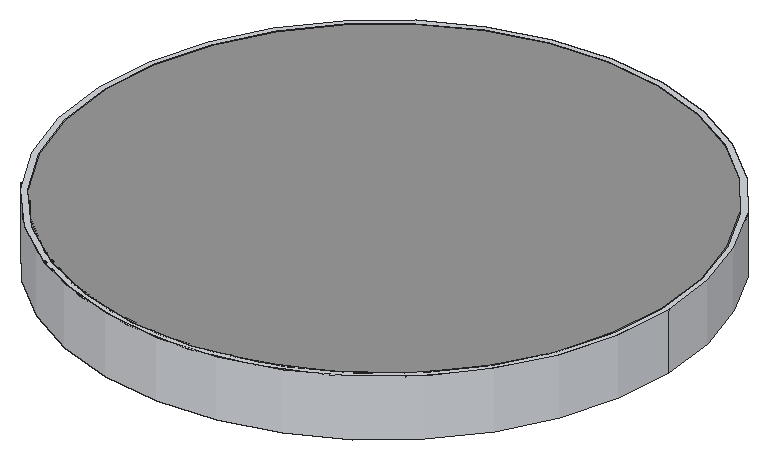
Revit family "2071201", category Lighting Fixtures, host Face, Revit 2018
Family settings
  Host = Face
  Round Connector Dimension = Use Diameter
  Part Type = Normal
  OmniClass Number = 23.80.70.00
  OmniClass Title = Lighting
  Cut with Voids When Loaded = No
  Light Source = Yes
  Shared = No
  Room Calculation Point = No
Parameters (values of type "2071201 COLOSSAL 600 830 OP DIR+H WHT SSA02")
  iner diameter = 588 mm
  Weight = "n/a"
  Wattage Comments = ""
  Wattage = 30 W
  WarrantyStartDate [instance] = "n/a"
  WarrantyGuarantorParts = "n/a"
  WarrantyDurationUnit = "n/a"
  WarrantyDurationParts = ""
  WarrantyDescription = "http://www.sylvania-lighting.com"
  built-in parameter 1150110 = 1 (stored number, unit not read)
  Voltage = 230 V
  URL = "0.95"
  TypeName = "COLOSSAL 600mm 830 OPAL DIR+HAL WHITE SSA02"
  Type Image = <None>
  Type Comments = "n/a"
  built-in parameter 1114217 = 1 (stored number, unit not read)
  Tilt Angle = -90.00°
  built-in parameter 1150109 = 1 (stored number, unit not read)
  built-in parameter 1150134 = (empty or 0)
  built-in parameter 1150113 = 1 (stored number, unit not read)
  SerialNumber [instance] = "n/a"
  Photometric Web File = "2071201.ies"
  Material_3_SYL = LED-Sylvania
  PowerFactor = 0
  PowerConsumption = "Lighting"
  NominalLength = 600 mm
  NominalHeight = 93 mm
  NominalDepth = 600 mm
  Name = "COLOSSAL 600mm 830 OPAL DIR+HAL WHITE SSA02"
  ModelReference = Name  # "COLOSSAL 600mm 830 OPAL DIR+HAL WHITE SSA02"
  ModelNumber = "2071201"
  Model = Name  # "COLOSSAL 600mm 830 OPAL DIR+HAL WHITE SSA02"
  Material = "Feilo Sylvania"
  ManufacturerName = "131 lm/W"
  Manufacturer = ""
  LuminousEfficacy = ""
  built-in parameter 1150105 = 270.44 (stored number, unit not read)
  Lumens = 3398.4 lm
  LuminaireType = "0"
  built-in parameter 1150115 = 1 (stored number, unit not read)
  LightOutputRatio = "LED"
  built-in parameter 1150137 = (empty or 0)
  built-in parameter 1150139 = (empty or 0)
  LampsType = Lamp  # "n/a"
  LampNominalLuminous = "3000 K"
  LampMacAdamStep = "80"
  LampColourTemperature = "LED"
  LampColourRenderingIndex = "16500"
  built-in parameter 1150112 = 1 (stored number, unit not read)
  built-in parameter 1150114 = 1 (stored number, unit not read)
  Lamp = "n/a"
  Keynote = "n/a"
  InstallationDate [instance] = "n/a"
  InputVoltage = "0"
  InputNominalFrequency = "3000"
  built-in parameter 1150132 = (empty or 0)
  built-in parameter 1150102 = (empty or 0)
  built-in parameter 1150107 = 3000 (stored number, unit not read)
  built-in parameter 1150138 = (empty or 0)
  IngressProtection = "IfcLightFixtureType"
  ImpactProtectionIndex = "IfcLightFixtureType"
  built-in parameter 1150106 = 2.7044 (stored number, unit not read)
  IfcExportType = "IfcLightFixtureType"
  IfcExportAs = "Class I"
  Emit from Circle Diameter = 385 mm
  Emit Shape Visible in Rendering = no
  ElectricShockClassification = "131"
  built-in parameter 1150104 = 10.524 (stored number, unit not read)
  DocumentationLiterature = "http://www.sylvania-lighting.com/product/en-int/products/2071201"
  DimmingControlOptions = "n/a"
  Material_2_SYL = Polycarbonate_Sylvania_White
  Dimming Lamp Color Temperature Shift = <None>
  Description = "600mm diameter circular architectural luminaire, can be surface mounted or suspended. Powder coated aluminium housing (RAL9016) with polycarbonate opal diffuser. Direct/indirect (halo) light distribution, 5190lm luminuous flux, 39.7W system power, 131lm/W luminiaire efficacy. Sylsmart Connected enabled. Colour rendering index Ra >80, 3000K Warm White LED, chromaticity tolerance of 3-step MacAdam ellipse. IP40, IK03. 450mA drive current. Electrical protection Class1, 220-240V. Reported lifetime 66k hours L90B10."
  Default Elevation = 1219.2 mm
  CreatedOn = "23/03/2022"
  CreatedBy = "@sylvania-lighting.com"
  Cost = 0
  Color Filter = 16777215
  built-in parameter 1114216 [instance] = (empty or 0)
  ClassificationValue = "EF_70_80"
  ClassificationName = "Uniclass2015"
  Material_1_SYL = Polycarbonate_Sylvania_Opal
  BarCode [instance] = "n/a"
  built-in parameter 1114218 = 1 (stored number, unit not read)
  built-in parameter 1150133 = 10 (stored number, unit not read)
  AssetType = "Fixed"
  AssetIdentifier [instance] = "n/a"
  Assembly Code = "D5020200"
  Apparent Load = 39.7 VA
  Material_4_SYL = none
Reference planes
  plane 1 "Center (Front/Back)": y = 0
  plane 2: z = 0
  plane 3 "Center (Left/Right)": x = 0
  plane 4: x = -300
  plane 5: x = 300
  plane 6: y = 300
  plane 7: y = -300
  plane 8: y = 212
  plane 9: y = -212
  plane 10: z = 93
  plane 11: y = 294
  plane 12: y = -294
  plane 13: through (0, 0, 1219.2) normal (0.5, -0.866, 0)
  plane 14: through (-134.29, 20.617, 1219.2) normal (0.5, -0.866, 0)
  plane 15: through (-144.685, -181.683, 1219.2) normal (-0.5, 0.866, 0)
  plane 16: through (0, 0, 1219.2) normal (0.5, 0.866, 0)
  plane 17: through (178.555, -4.939, 1219.2) normal (0.5, 0.866, 0)
  plane 18: through (87.581, -148.715, 1219.2) normal (0.5, 0.866, 0)
  plane 19: y = 272
  plane 20: through (105.168, 227.067, 1219.2) normal (0.866, 0.5, 0)
  plane 21: through (-104.171, 225.672, 1219.2) normal (0.8572, -0.515, 0)
  plane 22: y = -204.612
  plane 23: through (-296.643, -30.2, 1219.2) normal (0.866, 0.5, 0)
  plane 24: through (153.092, -278.837, 1219.2) normal (-0.866, 0.5, 0)
Forms (mm)
  Extrusion 1, solid, detail levels medium+fine
    sketch origin (0, 0, 0) x (1, 0, 0) y (0, 1, 0)
      loop
        circle (0, 0) r 300
    from 33.023 to 93
  Extrusion 2, void
    sketch origin (0, 0, 0) x (1, 0, 0) y (0, 1, 0)
      loop
        circle (0, 0) r 294
    from 93 to 37.292
  Extrusion 3, solid, material "Glass, White, High Luminance", detail levels fine
    sketch origin (0, 0, 0) x (1, 0, 0) y (0, 1, 0)
      loop
        circle (0, 0) r 294
    from 88.026 to 93
  Extrusion 4, solid, detail levels coarse
    sketch origin (0, 0, 0) x (1, 0, 0) y (0, 1, 0)
      loop
        line (-300, 300) -> (-300, -300) -> (300, -300) -> (300, 300) -> (-300, 300)
    from 0 to 93
  Blend 5, solid, detail levels medium+fine
    base sketch origin (0, 0, 0) x (1, 0, 0) y (0, 1, 0)
      loop
        line (-76.334, 272) -> (-277.665, -63.07) -> (-195.946, -204.612) -> (195.946, -204.612) -> (275.172, -67.388) -> (79.226, 272) -> (-76.334, 272)
    top sketch origin (0, 0, 0) x (1, 0, 0) y (0, 1, 0)
      loop
        line (-226.097, -32.388) -> (-141.097, -179.612) -> (141.097, -179.612) -> (226.097, -32.388) -> (85, 212) -> (-85, 212) -> (-226.097, -32.388)
    from 33.023 to 0
Cuts and joins
  Extrusion 2 cuts Extrusion 1
Lines and regions (mm)
  model lines
    curve 1: line (-85, 212, 0) -> (0, 212, 0)
    curve 2: line (0, 212, 0) -> (85, 212, 0)
Dimensions and locks
  "NominalDepth": plane 6 to plane 7
  "NominalLength": plane 4 to plane 5
  equal spacing: plane 4, plane 3 "Center (Left/Right)", plane 5
  "iner diameter": plane 11 to plane 12
  equal spacing: plane 11, plane 1 "Center (Front/Back)", plane 12
  equal spacing: plane 6, plane 1 "Center (Front/Back)", plane 7
  "NominalHeight": plane 10 to level
  radius of Extrusion 2 sketch curve = 294 mm
  aligned and locked: plane 2 to host face
  aligned and locked: level to host face
Automatic sketch dimensions
  host sketch curve to host sketch curve = 2438.4 mm  (x2)
  plane 1 "Center (Front/Back)" to Extrusion 1 sketch curve = 0 mm
  Extrusion 1 sketch curve to plane 3 "Center (Left/Right)" = 0 mm
  plane 1 "Center (Front/Back)" to Extrusion 2 sketch curve = 0 mm
  Extrusion 2 sketch curve to plane 3 "Center (Left/Right)" = 0 mm
  plane 1 "Center (Front/Back)" to Extrusion 3 sketch curve = 0 mm
  Extrusion 3 sketch curve to plane 3 "Center (Left/Right)" = 0 mm
  Extrusion 4 sketch curve to plane 4 = 0 mm
  Extrusion 4 sketch curve to plane 5 = 0 mm
  Extrusion 4 sketch curve to plane 7 = 0 mm
  Extrusion 4 sketch curve to plane 6 = 0 mm
  Blend 5 sketch curve to plane 8 = 0 mm
  Blend 5 sketch curve to plane 3 "Center (Left/Right)" = 85 mm
  plane 3 "Center (Left/Right)" to Blend 5 sketch curve = 85 mm
  plane 9 to Blend 5 sketch curve = 32.388 mm
  plane 3 "Center (Left/Right)" to Blend 5 sketch curve = 141.097 mm
  plane 1 "Center (Front/Back)" to Blend 5 sketch curve = 32.388 mm  (x2)
  Blend 5 sketch curve to plane 5 = 73.903 mm
  Blend 5 sketch curve to plane 3 "Center (Left/Right)" = 141.097 mm
  plane 4 to Blend 5 sketch curve = 73.903 mm
  curve 1 to plane 8 = 0 mm
  curve 2 to plane 3 "Center (Left/Right)" = 0 mm
  curve 1 to plane 3 "Center (Left/Right)" = 85 mm
  curve 1 to curve 2 = 85 mm
  Blend 5 sketch curve to plane 21 = 0 mm
  Blend 5 sketch curve to plane 23 = 0 mm  (x2)
  Blend 5 sketch curve to plane 22 = 0 mm
  Blend 5 sketch curve to plane 19 = 0 mm
  plane 21 to Blend 5 sketch curve = 0 mm
  Blend 5 sketch curve to plane 20 = 0 mm  (x2)
  Blend 5 sketch curve to plane 24 = 0 mm  (x2)
  radius of Extrusion 1 sketch curve = 300 mm
  radius of Extrusion 3 sketch curve = 294 mm
Connectors
  electrical at (0, 0, 0), driven by "Apparent Load", driven by "PowerFactor", driven by "Voltage"
    settings: index 1, voltage 230 V, apparent load 39.7 VA, apparent load phase1 0 VA, apparent load phase2 0 VA, apparent load phase3 0 VA, power factor 0, load classification "Lighting", number of poles 1, system type 30, power factor state 1, is connector primary yes, connector utility no, sub classification motor no, connector description ""
